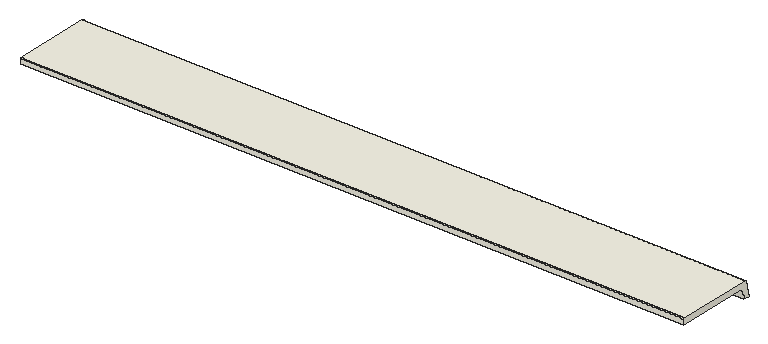
Revit family "Vierteaguas Y. C-1", category Modelos genéricos, Revit 2020
Family settings
  Puede alojar armadura = No
  Cota de conector redondo = Diámetro de uso
  Tipo de pieza = Normal
  Se basa en plano de trabajo = No
  Siempre vertical = No
  Corte con vacíos al cargar = No
  Compartido = No
  Punto de cálculo de habitación = No
Parameters (values of type "Y18")
  Descripción = "Pieza de hormigón polímero con anclaje de acero inoxidable."
  URL = "https://www.ulmaarchitectural.com/es-es"
  Nº filas anclajes [instance] = if(Longitud > 1700 mm, 4, if(Longitud < 730 mm, 2, Longitud / Dist. entre anclajes))  # 4
  Modelo = "Vierteaguas Y18"
  Material = Hormigón polímero STONEO. Color C-1
  Longitud real [instance] = if(Longitud > 1700 mm, 1700 mm, if(Longitud < 500 mm, 500 mm, Longitud))  # 1700 mm
  Longitud [instance] = 1700 mm
  Fabricante = "ULMA Architectural Solutions"
  Elevación por defecto = 0 mm
  Dist. entre anclajes [instance] = if(Longitud < 700 mm, 280 mm, 470 mm)  # 470 mm
  Dist primer anclaje [instance] = if(Longitud < 600 mm, 125 mm, 150 mm)  # 150 mm
  Código de montaje = "Y18"
  Ancho total = Ancho + 25 mm  # 205 mm
  Ancho = 180 mm
Types (8, lengths in mm): name | Modelo | Código de montaje | Ancho total | Ancho
  (no name) | "Vierteaguas Y18" | "Y18" | 205 | 180
  Y16 | "Vierteaguas Y16" | "Y16" | 185 | 160
  Y18 | "Vierteaguas Y18" | "Y18" | 205 | 180
  Y20 | "Vierteaguas Y20" | "Y20" | 225 | 200
  Y24 | "Vierteaguas Y24" | "Y24" | 265 | 240
  Y26 | "Vierteaguas Y26" | "Y26" | 285 | 260
  Y28 | "Vierteaguas Y28" | "Y28" | 305 | 280
  Y22 | "Vierteaguas Y22" | "Y22" | 245 | 220
Reference planes
  plane 1 "Centro (Frontal/Posterior)": y = 0
  plane 2: z = 0
  plane 3 "Centro (Izquierda/Derecha)": x = 0
Forms (mm)
  Extrusion 1, solid, material "Hormigón polímero STONEO. Color C-1" <- "Material"
    sketch origin (0, 0, 0) x (0, 1, 0) y (0, 0, 1)
      loop
        line (-102.5, 25.308) -> (78.611, 25.308)
        arc (78.611, 25.308) -> (81.825, 24.138) -> (83.535, 21.176) r 5
        line (83.535, 21.176) -> (87.269, 0) -> (102.5, 0) -> (95.684, 38.655)
        arc (95.684, 38.655) -> (95, 39.84) -> (93.714, 40.308) r 2
        line (93.714, 40.308) -> (-100.5, 40.308)
        arc (-100.5, 40.308) -> (-101.914, 39.722) -> (-102.5, 38.308) r 2
        line (-102.5, 38.308) -> (-102.5, 25.308)
    from 0 to 1700
Dimensions and locks
  "Longitud real": Extrusion 1 to Extrusion 1
  Extrusion 1 sketch curve to Extrusion 1 sketch curve = 15 mm
  Extrusion 1 sketch curve to level = 40.308 mm
  equal spacing: Extrusion 1 sketch curve, plane 1 "Centro (Frontal/Posterior)", Extrusion 1 sketch curve
  "Ancho total": Extrusion 1 sketch curve to Extrusion 1 sketch curve
  Extrusion 1 sketch curve to Extrusion 1 sketch curve = 15.231 mm
  "Dist primer anclaje": plane 3 "Centro (Izquierda/Derecha)" to nested 1
  equal spacing: group 1, group 2, group 3, group 4  (x3)
  "Dist. entre anclajes": nested 1 to nested 2
  radius of Extrusion 1 sketch curve = 2 mm  (x2)
  radius of Extrusion 1 sketch curve = 5 mm
  angle Extrusion 1 sketch curve to Extrusion 1 sketch curve = 100.00°  (x2)
  aligned and locked: level to plane 2
  aligned and locked: level to Extrusion 1 sketch curve
  aligned and locked: nested 1 to plane 1 "Centro (Frontal/Posterior)"
Automatic sketch dimensions
  level to Extrusion 1 sketch curve = 21.176 mm
  level to Extrusion 1 sketch curve = 38.655 mm
Nested families
  nested 1: "Anclaje inoxidable tapas (150x100)" at (150, 0, 25.308) x (0, 1, 0) z (0, 0, 1), type "Anclaje inoxidable tapas (150x100)"
  nested 2: "Anclaje inoxidable tapas (150x100)" at (620, 0, 25.308) x (0, 1, 0) z (0, 0, 1), type "Anclaje inoxidable tapas (150x100)"
  nested 3: "Anclaje inoxidable tapas (150x100)" at (1090, 0, 25.308) x (0, 1, 0) z (0, 0, 1), type "Anclaje inoxidable tapas (150x100)"
  nested 4: "Anclaje inoxidable tapas (150x100)" at (1560, 0, 25.308) x (0, 1, 0) z (0, 0, 1), type "Anclaje inoxidable tapas (150x100)"
Definition of nested family "Anclaje inoxidable tapas (150x100)"
  Parameters (values of type "Anclaje inoxidable tapas (150x100)")
    URL = "https://www.ulmaarchitectural.com/es-es"
    Model = "Sujeción anclaje inoxidable tapas (150x100) SPE"
    Material = none
    Manufacturer = "ULMA"
    Default Elevation = 0 mm
    Assembly Code = "901250015"
  Reference planes
    plane 1 "Centro (Frontal/Posterior)": y = 0
    plane 2: z = 0
    plane 3 "Centro (Izquierda/Derecha)": x = 0
  Dimensions and locks
    aligned and locked: level to plane 2
    aligned and locked: level to import instance
